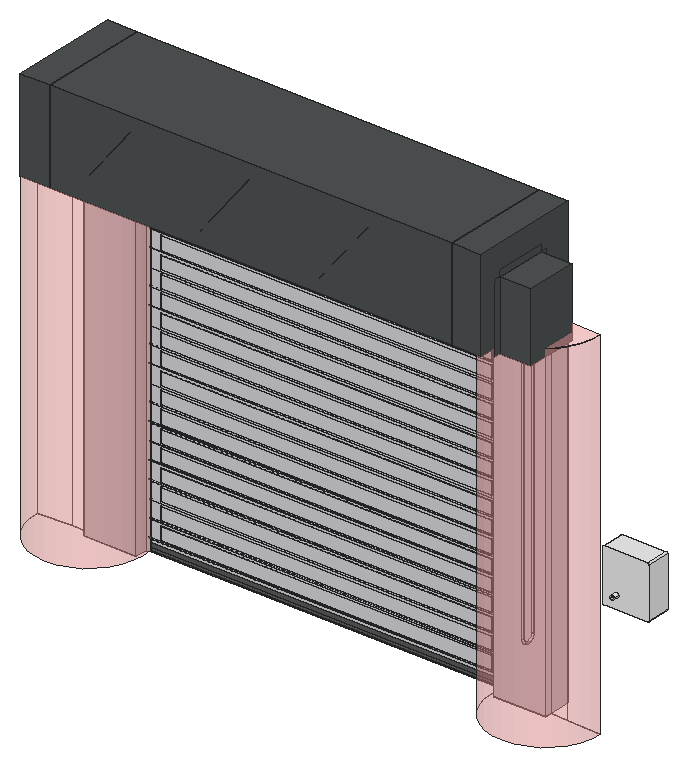
Revit family "Doors_Industrial_Wayne-Dalton_Exterior-Full-View-High-Speed-Metal-Doors-Model-889-ADV-Xtreme", category Specialty Equipment, host Wall, Revit 2026 (continued)
Definition of nested family "Lifts"
  Definition of nested family "General Motor"
    Dimensions and locks (in)
      aligned and locked: plane 7 to Sweep 10 sketch curve  (x2)
      aligned and locked: plane 8 to Sweep 10 sketch curve  (x2)
      aligned and locked: Extrusion 11 to plane 9
      aligned and locked: Extrusion 13 sketch curve to Extrusion 13 sketch curve
      aligned and locked: cut or joined group of Extrusion 11, Extrusion 12, Extrusion 13 to Extrusion 13 sketch curve
      aligned and locked: Extrusion 13 sketch curve to cut or joined group of Extrusion 11, Extrusion 12, Extrusion 13
    Automatic sketch dimensions
      Revolve 1 sketch curve to plane 5 = 0' - 0"
      Revolve 1 sketch curve to plane 4 = 0' - 1.965"
      Revolve 1 sketch curve to level = 0' - 4.941"
      Revolve 1 sketch curve to Revolve 1 sketch curve = 0' - 0.256"
      Revolve 1 sketch curve to Revolve 1 sketch curve = 0' - 1.142"
      Revolve 1 sketch curve to Revolve 1 sketch curve = 0' - 4.843"
      Revolve 1 sketch curve to Revolve 1 sketch curve = 0' - 1.339"
      Revolve 1 sketch curve to Revolve 1 sketch curve = 0' - 2.48"
      plane 5 to Revolve 1 sketch curve = 0' - 1.347"
      Revolve 1 sketch curve to plane 1 "Center (Front/Back)" = 0' - 8.066"
      Revolve 1 sketch curve to Revolve 1 sketch curve = 0' - 1.07288"
      Revolve 1 sketch curve to Revolve 1 sketch curve = 0' - 0.62812"
      Revolve 1 sketch curve to Revolve 1 sketch curve = 0' - 0.651"
      Revolve 1 sketch curve to plane 1 "Center (Front/Back)" = 0' - 5.704"
      Revolve 1 sketch curve to Revolve 1 sketch curve = 0' - 0.128"
      Revolve 1 sketch curve to Revolve 1 sketch curve = 0' - 0.067"
      Revolve 1 sketch curve to Revolve 1 sketch curve = 0' - 2.598"
      Extrusion 2 sketch curve to level = 0' - 6.339"
      Extrusion 2 sketch curve to Extrusion 2 sketch curve = 0' - 4.843"
      Extrusion 2 sketch curve to plane 1 "Center (Front/Back)" = 1' - 1 7/8"
      Extrusion 2 sketch curve to Extrusion 2 sketch curve = 0' - 6"
      plane 1 "Center (Front/Back)" to Extrusion 3 sketch curve = 0' - 0"
      Extrusion 3 sketch curve to plane 1 "Center (Front/Back)" = 0' - 1.755"
      plane 3 "Center (Left/Right)" to Extrusion 3 sketch curve = 0' - 5.729"
      Extrusion 3 sketch curve to Extrusion 3 sketch curve = 0' - 0 1/4"  (x2)
      Extrusion 3 sketch curve to Extrusion 3 sketch curve = 0' - 0.76325"
      Extrusion 3 sketch curve to Extrusion 3 sketch curve = 0' - 0.14434"
      Extrusion 3 sketch curve to plane 3 "Center (Left/Right)" = 0' - 1.14825"
      Extrusion 3 sketch curve to Extrusion 3 sketch curve = 0' - 0.06699"
      Extrusion 3 sketch curve to Extrusion 3 sketch curve = 0' - 1.67401"
      Extrusion 4 sketch curve to plane 3 "Center (Left/Right)" = 0' - 3.771"
      Extrusion 4 sketch curve to plane 3 "Center (Left/Right)" = 0' - 1.14825"  (x2)
      plane 3 "Center (Left/Right)" to Extrusion 4 sketch curve = 0' - 0.58575"
      Extrusion 4 sketch curve to Extrusion 4 sketch curve = 0' - 1.95325"  (x2)
      Extrusion 4 sketch curve to Extrusion 4 sketch curve = 0' - 3.19"  (x2)
      Extrusion 4 sketch curve to level = 0' - 5.9755"
      Extrusion 4 sketch curve to Extrusion 4 sketch curve = 0' - 1.4155"
      Extrusion 4 sketch curve to Extrusion 4 sketch curve = 0' - 2 1/4"  (x2)
      Extrusion 4 sketch curve to Extrusion 4 sketch curve = 0' - 1 1/4"  (x2)
      level to Extrusion 4 sketch curve = 0' - 3.31"
      level to Extrusion 4 sketch curve = 0' - 3.7255"
      Extrusion 5 sketch curve to level = 0' - 3.17729"
      Extrusion 5 sketch curve to Extrusion 5 sketch curve = 0' - 1.27271"  (x2)
      Extrusion 5 sketch curve to plane 1 "Center (Front/Back)" = 0' - 1.18157"
      Extrusion 5 sketch curve to Extrusion 5 sketch curve = 0' - 0.325"  (x2)
      Extrusion 5 sketch curve to plane 1 "Center (Front/Back)" = 0' - 1.441"
      Extrusion 5 sketch curve to Extrusion 5 sketch curve = 0' - 4.99"
      Extrusion 5 sketch curve to Extrusion 5 sketch curve = 0' - 0.39"  (x2)
      Extrusion 5 sketch curve to Extrusion 5 sketch curve = 0' - 2.93885"
      Extrusion 5 sketch curve to Extrusion 5 sketch curve = 0' - 3.2"
      Extrusion 6 sketch curve to plane 3 "Center (Left/Right)" = 0' - 4 1/2"
      Extrusion 6 sketch curve to Extrusion 6 sketch curve = 0' - 2"
      Extrusion 6 sketch curve to plane 3 "Center (Left/Right)" = 0' - 2.06343"
      plane 3 "Center (Left/Right)" to Extrusion 6 sketch curve = 0' - 2.06343"
      plane 3 "Center (Left/Right)" to Extrusion 6 sketch curve = 0' - 2 1/2"
      Extrusion 6 sketch curve to Extrusion 6 sketch curve = 0' - 2.43657"
      Extrusion 6 sketch curve to level = 0' - 10.775"
      Extrusion 6 sketch curve to Extrusion 6 sketch curve = 0' - 1.01"
      Extrusion 6 sketch curve to level = 0' - 4.775"  (x2)
      Extrusion 7 sketch curve to plane 1 "Center (Front/Back)" = 0' - 0 1/4"
      level to Extrusion 7 sketch curve = 0' - 3.346"
      Extrusion 7 sketch curve to level = 0' - 3.346"
      Extrusion 8 sketch curve to plane 6 = 0' - 0"
      Extrusion 8 sketch curve to plane 1 "Center (Front/Back)" = 0' - 10.6"
      Extrusion 8 sketch curve to Extrusion 8 sketch curve = 0' - 2.6"
      Extrusion 9 sketch curve to plane 1 "Center (Front/Back)" = 0' - 8.066"
      Extrusion 9 sketch curve to level = 1' - 5.19509"
      Sweep 10 sketch curve to profile plane = 0' - 0.2675"
      profile plane to Sweep 10 sketch curve = 0' - 3.18196"
      Masking region 2 sketch curve to plane 3 "Center (Left/Right)" = 0' - 0"
      Masking region 2 sketch curve to plane 3 "Center (Left/Right)" = 0' - 1.97"  (x2)
      Masking region 2 sketch curve to Masking region 2 sketch curve = 0' - 0.53"  (x4)
      plane 3 "Center (Left/Right)" to Masking region 2 sketch curve = 0' - 1.97"  (x2)
      Masking region 2 sketch curve to plane 1 "Center (Front/Back)" = 0' - 1.18157"  (x2)
      Masking region 2 sketch curve to Masking region 2 sketch curve = 0' - 0.39"  (x4)
      Masking region 2 sketch curve to Masking region 2 sketch curve = 0' - 2.93885"  (x2)
      Masking region 2 sketch curve to Masking region 2 sketch curve = 0' - 3.16557"
      Masking region 1 sketch curve to Masking region 1 sketch curve = 0' - 0"  (x2)
      plane 1 "Center (Front/Back)" to Masking region 1 sketch curve = 0' - 0"
      Masking region 1 sketch curve to plane 3 "Center (Left/Right)" = 0' - 0"
      Masking region 1 sketch curve to plane 1 "Center (Front/Back)" = 0' - 0 1/4"
      Masking region 1 sketch curve to plane 3 "Center (Left/Right)" = 0' - 1.14825"
      Masking region 1 sketch curve to plane 3 "Center (Left/Right)" = 0' - 1.97"
      Masking region 1 sketch curve to Masking region 1 sketch curve = 0' - 0.82175"
      Masking region 1 sketch curve to Masking region 1 sketch curve = 0' - 0.25576"  (x2)
      Masking region 1 sketch curve to Masking region 1 sketch curve = 0' - 0.53"  (x2)
      Masking region 1 sketch curve to plane 3 "Center (Left/Right)" = 0' - 2 1/2"
      plane 3 "Center (Left/Right)" to Masking region 1 sketch curve = 0' - 1.97"  (x2)
      plane 3 "Center (Left/Right)" to Masking region 1 sketch curve = 0' - 2 1/2"
      Masking region 1 sketch curve to Masking region 1 sketch curve = 0' - 0.33924"  (x2)
      Masking region 1 sketch curve to Masking region 1 sketch curve = 0' - 0.065"
      Masking region 1 sketch curve to Masking region 1 sketch curve = 0' - 1.23391"
      Masking region 1 sketch curve to Masking region 1 sketch curve = 0' - 2.07141"
      Masking region 1 sketch curve to Masking region 1 sketch curve = 0' - 0.14434"
      Masking region 1 sketch curve to Masking region 1 sketch curve = 0' - 1.68009"
      Masking region 1 sketch curve to Masking region 1 sketch curve = 0' - 0 1/4"
      Masking region 1 sketch curve to plane 1 "Center (Front/Back)" = 0' - 0.25881"
      Masking region 1 sketch curve to Masking region 1 sketch curve = 0' - 0.92276"  (x2)
      Masking region 1 sketch curve to plane 1 "Center (Front/Back)" = 0' - 1.755"
      Masking region 1 sketch curve to Masking region 1 sketch curve = 0' - 0.06699"
      Masking region 1 sketch curve to Masking region 1 sketch curve = 0' - 1.67401"
      Masking region 1 sketch curve to Masking region 1 sketch curve = 0' - 3.71885"  (x2)
      Masking region 1 sketch curve to Masking region 1 sketch curve = 0' - 0.49957"
      Masking region 1 sketch curve to Masking region 1 sketch curve = 0' - 0.97228"
      Masking region 1 sketch curve to Masking region 1 sketch curve = 0' - 1.47185"
      Masking region 1 sketch curve to Masking region 1 sketch curve = 0' - 0.35372"
      Masking region 1 sketch curve to Masking region 1 sketch curve = 0' - 2.68"  (x2)
      Masking region 1 sketch curve to Masking region 1 sketch curve = 0' - 1.194"
      Masking region 1 sketch curve to Masking region 1 sketch curve = 0' - 4.469"
      Masking region 3 sketch curve to plane 9 = 0' - 0"
      plane 9 to Masking region 3 sketch curve = 0' - 0.06"  (x2)
      Masking region 3 sketch curve to plane 3 "Center (Left/Right)" = 0' - 4.611"
      plane 1 "Center (Front/Back)" to Masking region 3 sketch curve = 0' - 2 1/2"
      plane 1 "Center (Front/Back)" to Masking region 3 sketch curve = 0' - 0 1/2"
      Masking region 3 sketch curve to plane 1 "Center (Front/Back)" = 1' - 4.7"
      Masking region 3 sketch curve to Masking region 3 sketch curve = 0' - 2"
      curve 6 to plane 3 "Center (Left/Right)" = 0' - 2 1/2"
      plane 9 to curve 7 = 0' - 0.06"
      plane 1 "Center (Front/Back)" to curve 7 = 0' - 2 1/2"
      curve 1 to plane 1 "Center (Front/Back)" = 0' - 0.626"
      curve 1 to plane 3 "Center (Left/Right)" = 0' - 1.97"
      curve 2 to plane 1 "Center (Front/Back)" = 0' - 0.626"
      plane 3 "Center (Left/Right)" to curve 2 = 0' - 1.97"
      curve 2 to curve 3 = 0' - 0.53"
      curve 3 to curve 5 = 0' - 0.065"
      curve 5 to curve 4 = 0' - 0.005"
      curve 2 to curve 4 = 0' - 4.774"
      curve 4 to curve 2 = 0' - 0.97228"
      curve 1 to curve 2 = 0' - 0"
      curve 2 to curve 4 = 0' - 1.31333"
      curve 4 to curve 5 = 0' - 0.79317"
      curve 1 to curve 6 = 0' - 2.40055"
      curve 5 to curve 3 = 0' - 0.29406"
      curve 6 to curve 6 = 0' - 0.63317"
      curve 3 to curve 5 = 0' - 0.63317"
      curve 5 to curve 3 = 0' - 4.469"
      curve 3 to curve 7 = 0' - 4.825"
      Sweep 10 sketch curve to plane 1 "Center (Front/Back)" = 0' - 10 7/16"
      Sweep 10 sketch curve to Sweep 10 sketch curve = 0' - 2 7/16"
      radius of Extrusion 9 sketch curve = 0' - 1.34"
      radius of Sweep 10 sketch curve = 0' - 0.2675"
      radius of Masking region 2 sketch curve = 0' - 2.598"
Definition of nested family "Slat"
  Parameters (values of type "Slat")
    Standard Slat Material = none
    Standard Slat Bottom Rail [instance] = if(and(Bottom Rail, Standard Slat), 1 < 2, 1 > 2)  # no
    Standard Slat [instance] = 1 = 2  # no
    Slat Thickness = 0' - 1.18227"
    Slat Option [instance] = 1
    Slat Height = 0' - 5 13/16"
    Polycarbonated Slat Material = none
    Polycarbonate Slat Bottom Rail [instance] = if(and(Bottom Rail, Polycarbonate Slat), 1 < 2, 1 > 2)  # no
    Polycarbonate Slat [instance] = if(or(Slat Option > 2, Slat Option = 2), 1 < 2, 1 > 2)  # no
    Perforated Slat Material = none
    Perforated Slat Length = (Door Width / 40) * 37  # 9' - 3"
    Perforated Slat Bottom Rail [instance] = if(and(Bottom Rail, Perforated Slat), 1 < 2, 1 > 2)  # no
    Perforated Slat [instance] = if(or(Slat Option < 1, Slat Option = 1), 1 < 2, 1 > 2)  # yes
    Door Width = 10' - 0"
    Default Elevation = 4' - 0"
    Bottom Rail [instance] = no
  Reference planes (in)
    plane 1 "Center (Front/Back)": y = 0
    plane 2: z = 0
    plane 3 "Center (Left/Right)": x = 0
    plane 4: x = -60
    plane 5: x = 60
    plane 6: z = 5.8125
    plane 7: y = -0.59114
    plane 8: y = 0.59114
    plane 9: y = -0.32455
    plane 10: y = -0.32455
    plane 11: y = -0.32455
  Forms (in)
    Extrusion 1, solid, material <- "Standard Slat Material", visible <- "Standard Slat"
      sketch origin (0, 0, 0) x (0, 1, 0) y (0, 0, 1)
        loop
          line (0.02508, 0) -> (0.59114, 0) -> (0.59114, 5.8125) -> (0.02508, 5.8125) -> (-0.59114, 5.19629) -> (-0.59114, 0.61621) -> (0.02508, 0)
      from -60 to 60
    Extrusion 2, solid, material <- "Standard Slat Material", visible <- "Standard Slat"
      sketch origin (0, 0, 0) x (0, 1, 0) y (0, 0, 1)
        loop
          line (-0.67418, 5.8125) -> (-0.67418, 0)
          arc (-0.67418, 0) -> (-0.32455, -0.34963) -> (0.02508, 0) r 0.34963
          line (0.02508, 0) -> (-0.59114, 0.61621) -> (-0.59114, 5.19629) -> (0.02508, 5.8125)
          arc (0.02508, 5.8125) -> (-0.32455, 6.16213) -> (-0.67418, 5.8125) r 0.34963
      from -60 to 60
    Extrusion 3, solid, material <- "Standard Slat Material", visible <- "Perforated Slat"
      sketch origin (0, 0, 0) x (0, 1, 0) y (0, 0, 1)
        loop
          line (0.02508, 0) -> (0.59114, 0) -> (0.59114, 5.8125) -> (0.02508, 5.8125) -> (-0.59114, 5.19629) -> (-0.59114, 0.61621) -> (0.02508, 0)
      from -60 to 60
    Extrusion 4, solid, material <- "Standard Slat Material", visible <- "Perforated Slat"
      sketch origin (0, 0, 0) x (0, 1, 0) y (0, 0, 1)
        loop
          line (-0.67418, 5.8125) -> (-0.67418, 0)
          arc (-0.67418, 0) -> (-0.32455, -0.34963) -> (0.02508, 0) r 0.34963
          line (0.02508, 0) -> (-0.59114, 0.61621) -> (-0.59114, 5.19629) -> (0.02508, 5.8125)
          arc (0.02508, 5.8125) -> (-0.32455, 6.16213) -> (-0.67418, 5.8125) r 0.34963
      from -60 to 60
    Extrusion 5, solid, material <- "Standard Slat Material", visible <- "Polycarbonate Slat"
      sketch origin (0, 0, 0) x (0, 1, 0) y (0, 0, 1)
        loop
          line (0.02508, 0) -> (0.59114, 0) -> (0.59114, 5.8125) -> (0.02508, 5.8125) -> (-0.59114, 5.19629) -> (-0.59114, 0.61621) -> (0.02508, 0)
      from -60 to 60
    Extrusion 6, solid, material <- "Standard Slat Material", visible <- "Polycarbonate Slat"
      sketch origin (0, 0, 0) x (0, 1, 0) y (0, 0, 1)
        loop
          line (-0.67418, 5.8125) -> (-0.67418, 0)
          arc (-0.67418, 0) -> (-0.32455, -0.34963) -> (0.02508, 0) r 0.34963
          line (0.02508, 0) -> (-0.59114, 0.61621) -> (-0.59114, 5.19629) -> (0.02508, 5.8125)
          arc (0.02508, 5.8125) -> (-0.32455, 6.16213) -> (-0.67418, 5.8125) r 0.34963
      from -60 to 60
    Extrusion 7, solid, material <- "Standard Slat Material", visible <- "Standard Slat Bottom Rail"
      sketch origin (0, 0, 0) x (0, 1, 0) y (0, 0, 1)
        loop
          line (-0.59114, -0.22622) -> (-0.59114, -1.0625) -> (0.59114, -1.0625) -> (0.59114, 0) -> (0.02508, 0)
          arc (0.02508, 0) -> (-0.20406, -0.32821) -> (-0.59114, -0.22622) r 0.34963
      from -60 to 60
    Extrusion 8, solid, material <- "Standard Slat Material", visible <- "Perforated Slat Bottom Rail"
      sketch origin (0, 0, 0) x (0, 1, 0) y (0, 0, 1)
        loop
          line (-0.59114, -0.22622) -> (-0.59114, -1.0625) -> (0.59114, -1.0625) -> (0.59114, 0) -> (0.02508, 0)
          arc (0.02508, 0) -> (-0.20406, -0.32821) -> (-0.59114, -0.22622) r 0.34963
      from -60 to 60
    Extrusion 9, solid, material <- "Standard Slat Material", visible <- "Polycarbonate Slat Bottom Rail"
      sketch origin (0, 0, 0) x (0, 1, 0) y (0, 0, 1)
        loop
          line (-0.59114, -0.22622) -> (-0.59114, -1.0625) -> (0.59114, -1.0625) -> (0.59114, 0) -> (0.02508, 0)
          arc (0.02508, 0) -> (-0.20406, -0.32821) -> (-0.59114, -0.22622) r 0.34963
      from -60 to 60
    Extrusion 10, void
      sketch origin (0, 0, 0) x (1, 0, 0) y (0, 0, 1)
        loop
          line (-55.5, 5.19629) -> (-55.5, 0.61621) -> (55.5, 0.61621) -> (55.5, 5.19629) -> (-55.5, 5.19629)
      from -3.39847 to 3.48063
    Extrusion 11, solid, material <- "Perforated Slat Material", visible <- "Perforated Slat"
      sketch origin (0, 0, 0) x (1, 0, 0) y (0, 0, 1)
        loop
          line (-55.5, 5.19629) -> (-55.5, 0.61621) -> (55.5, 0.61621) -> (55.5, 5.19629) -> (-55.5, 5.19629)
      from -0.59114 to 0.67418
    Extrusion 12, void
      sketch origin (0, 0, 0) x (1, 0, 0) y (0, 0, 1)
        loop
          line (-59, 0.61621) -> (59, 0.61621) -> (59, 5.19629) -> (-59, 5.19629) -> (-59, 0.61621)
      from -9.08759 to 12
    Extrusion 13, solid, material <- "Polycarbonated Slat Material", visible <- "Polycarbonate Slat"
      sketch origin (0, 0, 0) x (1, 0, 0) y (0, 0, 1)
        loop
          line (-59, 5.19629) -> (-59, 0.61621) -> (59, 0.61621) -> (59, 5.19629) -> (-59, 5.19629)
      from -0.59114 to 0.67418
  Cuts and joins
    Extrusion 10 cuts Extrusion 4
    Extrusion 10 cuts Extrusion 3
    Extrusion 12 cuts Extrusion 6
    Extrusion 12 cuts Extrusion 5
  Lines and regions (in)
    model lines
      curve 1: line (-60, -0.67418, 5.8125) -> (60, -0.67418, 5.8125)
  Dimensions and locks (in)
    equal spacing: plane 4, plane 3 "Center (Left/Right)", plane 5
    "Door Width": plane 4 to plane 5
    "Slat Height": plane 6 to level
    equal spacing: plane 7, plane 1 "Center (Front/Back)", plane 8
    "Slat Thickness": plane 7 to plane 8
    locked: Extrusion 1 sketch curve to Extrusion 1 sketch curve at 0.56606
    locked: plane 9 to plane 8 at 0.91569
    locked: Extrusion 3 sketch curve to Extrusion 3 sketch curve at 0.56606
    locked: Extrusion 5 sketch curve to Extrusion 5 sketch curve at 0.56606
    locked: level to Extrusion 7 sketch curve at 1.0625
    "Perforated Slat Length": Extrusion 10 sketch curve to Extrusion 10 sketch curve
    equal spacing: Extrusion 10 sketch curve, plane 3 "Center (Left/Right)", Extrusion 10 sketch curve
    equal spacing: Extrusion 11 sketch curve, plane 3 "Center (Left/Right)", Extrusion 11 sketch curve
    "Perforated Slat Length": Extrusion 11 sketch curve to Extrusion 11 sketch curve
    locked: plane 5 to Extrusion 12 sketch curve at 1
    locked: plane 4 to Extrusion 12 sketch curve at 1
    locked: plane 5 to Extrusion 13 sketch curve at 1
    locked: plane 4 to Extrusion 13 sketch curve at 1
    locked: Extrusion 1 sketch curve to Extrusion 1 sketch curve (angle 135.00°)
    locked: Extrusion 1 sketch curve to plane 6 (angle 135.00°)
    locked: Extrusion 3 sketch curve to Extrusion 3 sketch curve (angle 135.00°)
    locked: Extrusion 5 sketch curve to Extrusion 5 sketch curve (angle 135.00°)
    aligned and locked: plane 2 to level
    aligned and locked: Extrusion 1 sketch curve to level
    aligned and locked: Extrusion 1 sketch curve to plane 8
    aligned and locked: Extrusion 1 sketch curve to plane 6
    aligned and locked: Extrusion 1 sketch curve to plane 7
    aligned and locked: plane 5 to Extrusion 1
    aligned and locked: plane 4 to Extrusion 1
    aligned and locked: plane 5 to Extrusion 2
    aligned and locked: plane 4 to Extrusion 2
    aligned and locked: plane 5 to curve 1
    aligned and locked: plane 4 to curve 1
    aligned and locked: plane 5 to Extrusion 6
    aligned and locked: plane 5 to Extrusion 5
    aligned and locked: plane 5 to Extrusion 4
    aligned and locked: plane 5 to Extrusion 3
    aligned and locked: plane 4 to Extrusion 6
    aligned and locked: plane 4 to Extrusion 5
    aligned and locked: plane 4 to Extrusion 4
    aligned and locked: plane 4 to Extrusion 3
    aligned and locked: Extrusion 7 sketch curve to level
    aligned and locked: plane 5 to Extrusion 9
    aligned and locked: plane 5 to Extrusion 8
    aligned and locked: plane 5 to Extrusion 7
    aligned and locked: plane 4 to Extrusion 9
    aligned and locked: plane 4 to Extrusion 8
    aligned and locked: plane 4 to Extrusion 7
  Automatic sketch dimensions
    Extrusion 1 sketch curve to plane 1 "Center (Front/Back)" = 0' - 0.02508"
    Extrusion 2 sketch curve to plane 6 = 0' - 0"
    Extrusion 2 sketch curve to level = 0' - 0"
    Extrusion 2 sketch curve to plane 7 = 0' - 0"
    Extrusion 2 sketch curve to plane 9 = 0' - 0"  (x2)
    plane 7 to Extrusion 2 sketch curve = 0' - 0.08305"
    level to Extrusion 2 sketch curve = 0' - 0.61621"
    Extrusion 2 sketch curve to plane 6 = 0' - 0.61621"
    curve 1 to Extrusion 2 = 0' - 0"
    Extrusion 3 sketch curve to plane 7 = 0' - 0"
    Extrusion 3 sketch curve to plane 6 = 0' - 0"
    Extrusion 3 sketch curve to level = 0' - 0"
    Extrusion 3 sketch curve to plane 8 = 0' - 0"
    Extrusion 3 sketch curve to plane 1 "Center (Front/Back)" = 0' - 0.02508"
    Extrusion 3 sketch curve to plane 6 = 0' - 0.61621"
    Extrusion 4 sketch curve to plane 6 = 0' - 0"
    Extrusion 4 sketch curve to level = 0' - 0"
    Extrusion 4 sketch curve to plane 7 = 0' - 0"
    Extrusion 4 sketch curve to plane 10 = 0' - 0"  (x2)
    plane 7 to Extrusion 4 sketch curve = 0' - 0.08305"
    level to Extrusion 4 sketch curve = 0' - 0.61621"
    Extrusion 4 sketch curve to plane 6 = 0' - 0.61621"
    Extrusion 5 sketch curve to plane 7 = 0' - 0"
    Extrusion 5 sketch curve to plane 6 = 0' - 0"
    Extrusion 5 sketch curve to level = 0' - 0"
    Extrusion 5 sketch curve to plane 8 = 0' - 0"
    Extrusion 5 sketch curve to plane 1 "Center (Front/Back)" = 0' - 0.02508"
    Extrusion 5 sketch curve to plane 6 = 0' - 0.61621"
    Extrusion 6 sketch curve to plane 6 = 0' - 0"
    Extrusion 6 sketch curve to level = 0' - 0"
    Extrusion 6 sketch curve to plane 7 = 0' - 0"
    Extrusion 6 sketch curve to plane 11 = 0' - 0"  (x2)
    plane 7 to Extrusion 6 sketch curve = 0' - 0.08305"
    level to Extrusion 6 sketch curve = 0' - 0.61621"
    Extrusion 6 sketch curve to plane 6 = 0' - 0.61621"
    Extrusion 7 sketch curve to plane 7 = 0' - 0"
    Extrusion 7 sketch curve to plane 8 = 0' - 0"
    plane 1 "Center (Front/Back)" to Extrusion 7 sketch curve = 0' - 0.32455"
    Extrusion 7 sketch curve to plane 1 "Center (Front/Back)" = 0' - 0.02508"
    Extrusion 8 sketch curve to plane 7 = 0' - 0"
    Extrusion 8 sketch curve to level = 0' - 0"
    Extrusion 8 sketch curve to plane 8 = 0' - 0"
    plane 1 "Center (Front/Back)" to Extrusion 8 sketch curve = 0' - 0.32455"
    Extrusion 8 sketch curve to plane 1 "Center (Front/Back)" = 0' - 0.02508"
    Extrusion 8 sketch curve to level = 0' - 1 1/16"
    Extrusion 9 sketch curve to level = 0' - 0"
    Extrusion 9 sketch curve to level = 0' - 0.22622"
    plane 8 to Extrusion 9 sketch curve = 0' - 1.18227"
    Extrusion 9 sketch curve to Extrusion 9 sketch curve = 0' - 0.26658"
    Extrusion 9 sketch curve to Extrusion 9 sketch curve = 0' - 1.18227"
    Extrusion 9 sketch curve to level = 0' - 1 1/16"
    level to Extrusion 12 sketch curve = 0' - 0.61621"
    Extrusion 12 sketch curve to plane 6 = 0' - 0.61621"
    Extrusion 13 sketch curve to plane 6 = 0' - 0.61621"
    level to Extrusion 13 sketch curve = 0' - 0.61621"
    level to Extrusion 10 sketch curve = 0' - 0.61621"
    Extrusion 10 sketch curve to plane 6 = 0' - 0.61621"
    level to Extrusion 11 sketch curve = 0' - 0.61621"
    Extrusion 11 sketch curve to plane 6 = 0' - 0.61621"
Types (3): name | External Transformer | Voltage | Apparent Load Phase 3 | Apparent Load Phase 2 | Apparent Load Phase 1
  230 volts, three phase, 60 Hz (208-245V range) | no | 230 V | 2655.81 VA | 2655.81 VA | 2655.81 VA
  460 volts, three phase, 60 Hz (456-495V range) | no | 460 V | 5311.62 VA | 5311.62 VA | 5311.62 VA
  575 volts, three phase, 60 Hz | yes | 575 V | 6639.53 VA | 6639.53 VA | 6639.53 VA
